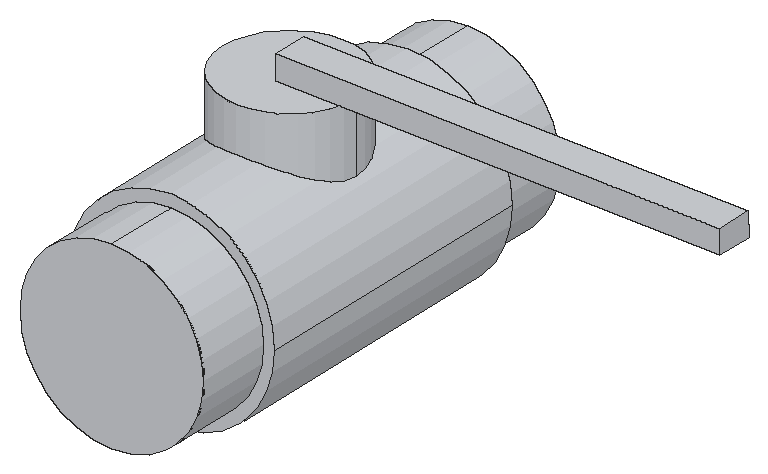
Revit family "MEP_PipeAccessory_BallValve", category Pipe Accessories, Revit 2026
Family settings
  Round Connector Dimension = Use Diameter
  Part Type = Valve - Normal
  Work Plane-Based = No
  Always vertical = Yes
  Cut with Voids When Loaded = No
  Shared = No
Parameters
  VAL_ID [instance] = ""
  NeckOD = DN + 6 mm  # 31 mm
  NeckLen = DN / 2  # 12.5 mm
  Kvs_Number = 0
  HandleThk = if(0.1 * DN < 4 mm, 4 mm, if(0.1 * DN > 7 mm, 7 mm, 0.1 * DN))  # 4 mm
  HandleLen = if(5 * DN < 80 mm, 80 mm, if(5 * DN > 200 mm, 200 mm, 3 * DN))  # 75 mm
  HandleGap = 2 mm
  HandleDepth = if(0.12 * DN < 6 mm, 6 mm, if(0.12 * DN > 12 mm, 12 mm, 8 mm))  # 6 mm
  Default Elevation = 0 mm
  DN = 25 mm
  ConnectionType_Text = ""
  BossScale = 0.35
  BossHeight = if(0.3 * DN < HandleThk + HandleGap, HandleThk + HandleGap, if(0.3 * DN < 6 mm, 6 mm, if(0.3 * DN > 24 mm, 24 mm, 0.3 * DN)))  # 7.5 mm
  BossDia = if(0.75 * DN > if(DN < 25 mm, 0.9 * BodyOD, 0.85 * BodyOD), if(DN < 25 mm, 0.9 * BodyOD, 0.85 * BodyOD), if(0.75 * DN < (10 mm + 0.5 * DN), (10 mm + 0.5 * DN), 0.75 * DN))  # 22.5 mm
  BodyRadius = BodyOD / 2  # 17.5 mm
  BodyOD = DN + 10 mm  # 35 mm
  BodyLength = 50 mm
Reference planes
  plane 1 "Center Depth": y = 0
  plane 2 "Axis": z = 0
  plane 3 "Center Width": x = 0
  plane 4 "End Left": y = 25
  plane 5 "End Right": y = -25
  plane 6 "Left Neck Outer": y = 37.5
  plane 7 "Right Neck Outer": y = -37.5
  plane 8 "Top of Body": z = 17.5
  plane 9 "Handle Front": y = -3
  plane 10 "Handle Back": y = 3
  plane 11 "Boss Top": z = 25
Forms (mm)
  Extrusion 1, solid, detail levels medium+fine
    sketch origin (0, 0, 0) x (1, 0, 0) y (0, 0, 1)
      loop
        circle (0, 0) r 17.5
    from -25 to 25
  Extrusion 2, solid, detail levels medium+fine
    sketch origin (0, 25, 0) x (0, 0, 1) y (-1, 0, 0)
      loop
        circle (0, 0) r 15.5
    from 0 to -12.5
  Extrusion 3, solid, detail levels medium+fine
    sketch origin (0, -25, 0) x (0, 0, 1) y (-1, 0, 0)
      loop
        circle (0, 0) r 15.5
    from 0 to 12.5
  Extrusion 4, solid, detail levels fine
    sketch origin (75, -25, 12) x (0, 0, 1) y (-1, 0, 0)
      loop
        line (17, 75) -> (13, 75) -> (13, 0) -> (17, 0) -> (17, 75)
    from -28 to -22
  Extrusion 5, solid, detail levels fine
    sketch origin (0, 0, 0) x (1, 0, 0) y (0, 1, 0)
      loop
        circle (0, 0) r 11.25
    from 0 to 25
Lines and regions (mm)
  symbolic lines, style "Valve_Symbol", not visible, detail levels coarse
    curve 1: circle (0, 0, 0) r 25 normal (0, 0, 1)
Dimensions and locks
  "BodyLength": plane 4 "End Left" to plane 5 "End Right"
  equal spacing: plane 4 "End Left", plane 1 "Center Depth", plane 5 "End Right"
  "NeckLen": plane 6 "Left Neck Outer" to plane 4 "End Left"
  "NeckLen": plane 5 "End Right" to plane 7 "Right Neck Outer"
  "BodyRadius": plane 8 "Top of Body" to plane 2 "Axis"
  equal spacing: plane 10 "Handle Back", plane 1 "Center Depth", plane 9 "Handle Front"
  "HandleDepth": plane 10 "Handle Back" to plane 9 "Handle Front"
  "HandleThk": Extrusion 4 sketch curve to Extrusion 4 sketch curve
  "HandleLen": Extrusion 4 sketch curve to Extrusion 4 sketch curve
  "HandleLen": Extrusion 4 to Extrusion 4
  "HandleThk": Extrusion 4 to Extrusion 4
  "BossHeight": plane 11 "Boss Top" to plane 8 "Top of Body"
  "BodyOD": diameter of Extrusion 1 sketch curve
  "NeckOD": diameter of Extrusion 2 sketch curve
  "NeckOD": diameter of Extrusion 3 sketch curve
  "BossDia": diameter of Extrusion 5 sketch curve
  "DN": radius of curve 1
  aligned and locked: level to plane 2 "Axis"
  aligned and locked: Extrusion 1 to plane 4 "End Left"
  aligned and locked: plane 5 "End Right" to Extrusion 1
  aligned and locked: plane 3 "Center Width" to Extrusion 1 sketch curve
  aligned and locked: plane 2 "Axis" to Extrusion 1 sketch curve
  aligned and locked: plane 3 "Center Width" to Extrusion 2 sketch curve
  aligned and locked: plane 2 "Axis" to Extrusion 2 sketch curve
  aligned and locked: plane 3 "Center Width" to Extrusion 3 sketch curve
  aligned and locked: plane 2 "Axis" to Extrusion 3 sketch curve
  aligned and locked: plane 7 "Right Neck Outer" to Extrusion 3
  aligned and locked: Extrusion 2 to plane 6 "Left Neck Outer"
  aligned and locked: Extrusion 4 to plane 10 "Handle Back"
  aligned and locked: plane 9 "Handle Front" to Extrusion 4
  aligned and locked: plane 1 "Center Depth" to Extrusion 5 sketch curve
  aligned and locked: plane 3 "Center Width" to Extrusion 5 sketch curve
  aligned and locked: plane 11 "Boss Top" to Extrusion 5
  aligned and locked: Extrusion 4 to plane 11 "Boss Top"
  aligned and locked: Extrusion 4 to plane 3 "Center Width"
  aligned and locked: Extrusion 5 to plane 2 "Axis"
Automatic sketch dimensions
  plane 1 "Center Depth" to curve 1 = 0 mm
  curve 1 to plane 3 "Center Width" = 0 mm
  Extrusion 4 sketch curve to plane 3 "Center Width" = 0 mm
  Extrusion 4 sketch curve to plane 11 "Boss Top" = 0 mm
Connectors
  piping at (0, 25, 0), diameter 25, driven by "DN"
    settings: on Extrusion 2, index 1, connector inside diameter 609.6 mm, connector length 0 mm, flow factor 0, pipe flow 0.0 L/s, pressure drop 0.0 Pa, fitting loss kfactor 0, connector angle 0.00°, fixture units 0, engagement length 0 mm, angle of deflection 0.00°, flow configuration 0, flow direction 1, fitting loss method 0, system type 7, joint type 0, gender type 0, connector reference index -1, connector utility 0, adjustable connector no, is connector primary yes, connector description ""
  piping at (0, -25, 0), diameter 25, driven by "DN"
    settings: on Extrusion 1, index 2, connector inside diameter 609.6 mm, connector length 0 mm, flow factor 0, pipe flow 0.0 L/s, pressure drop 0.0 Pa, fitting loss kfactor 0, connector angle 0.00°, fixture units 0, engagement length 0 mm, angle of deflection 0.00°, flow configuration 0, flow direction 2, fitting loss method 0, system type 7, joint type 0, gender type 0, connector reference index -1, connector utility 0, adjustable connector no, is connector primary no, connector description ""
Types in the file's own list only (6): name | NeckOD | NeckLen | Kvs_Number | HandleThk | HandleLen | HandleDepth | DN | BossHeight | BossDia | BodyRadius | BodyOD | BodyLength
  DN15 | 21 mm | 8 mm | 3.2 | 4 mm | 80 mm | 6 mm | 15 mm | 6 mm | 18 mm | 13 mm | 25 mm | 65 mm
  DN20 | 26 mm | 10 mm | 6.3 | 4 mm | 60 mm | 6 mm | 20 mm | 6 mm | 20 mm | 15 mm | 30 mm | 75 mm
  DN25 | 31 mm | 13 mm | 10 | 4 mm | 75 mm | 6 mm | 25 mm | 8 mm | 23 mm | 18 mm | 35 mm | 85 mm
  DN32 | 38 mm | 16 mm | 16 | 4 mm | 96 mm | 6 mm | 32 mm | 10 mm | 26 mm | 21 mm | 42 mm | 100 mm
  DN40 | 46 mm | 20 mm | 25 | 4 mm | 120 mm | 6 mm | 40 mm | 12 mm | 30 mm | 25 mm | 50 mm | 115 mm
  DN50 | 56 mm | 25 mm | 40 | 5 mm | 200 mm | 8 mm | 50 mm | 15 mm | 38 mm | 30 mm | 60 mm | 130 mm
